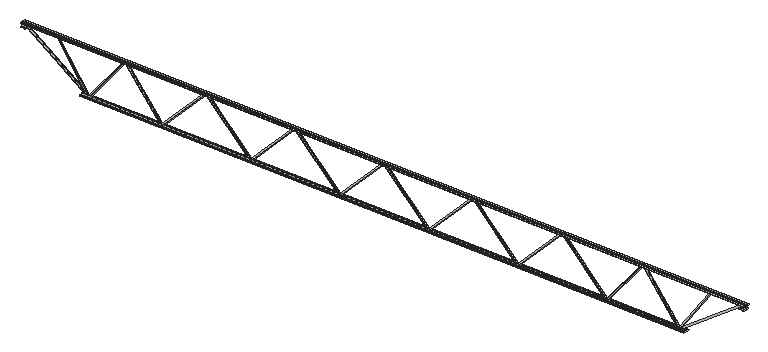
Revit family
Parameters (values of type "52DLH14")
  가변 패널 [instance] = (Length - (끝 패널 * 2) - IntPanelArrayLength) / 2  # 2163.5 mm
  시작 간격띄우기 [instance] = 0 mm
  시작 확장 [instance] = 0 mm
  M = 58
  웹 두께 = 25 mm
  좌석 길이 = 150 mm
  좌석 깊이 = 125 mm
  렌더링 재료 = none
  IntPanelWidth [instance] = 깊이 * 2  # 2642 mm
  IntPanelArrayNum [instance] = (PanelAreaLength / IntPanelWidth) - 2  # 5
  IntPanelArrayLength [instance] = IntPanelArrayNum * IntPanelWidth  # 13210 mm
  PanelAreaLength [instance] = Length - (끝 패널 * 2)  # 17537 mm
  끝 패널 = 1.5 * 깊이  # 1981.5 mm
  끝 간격띄우기 [instance] = 0 mm
  끝 확장 [instance] = 0 mm
  현재 다리 = 63.5 mm
  현재 두께 = 12.5 mm
  Assembly Code = ""
  Length [instance] = 21500 mm
  깊이 = 1321 mm
Types (4, lengths in mm): name | 가변 패널 | M | IntPanelWidth | IntPanelArrayNum | IntPanelArrayLength | PanelAreaLength | 끝 패널 | 깊이
  (no name) | 2163.5 | 58 | 2642 | 5 | 13210 | 17537 | 1981.5 | 1321
  52DLH14 | 2163.5 | 58 | 2642 | 5 | 13210 | 17537 | 1981.5 | 1321
  64DLH15 | 3433 | 64 | 3252 | 3 | 9756 | 16622 | 2439 | 1626
  72DLH16 | 4348.5 | 74 | 3658 | 2 | 7316 | 16013 | 2743.5 | 1829
Reference planes
  plane 1 "중심(앞/뒤)": y = 0
  plane 2: z = 0
  plane 3 "중심(왼쪽/오른쪽)": x = 4.61
  plane 4 "왼쪽 부재": x = -3551.39
  plane 5 "오른쪽 부재": x = 3560.61
  plane 6: y = 76
  plane 7: y = -76
  plane 8: z = 660.5
  plane 9: z = -660.5
  plane 10 "왼쪽": x = -10745.39
  plane 11 "기호를 왼쪽에 부착": x = -3500.59
  plane 12 "기호를 오른쪽에 부착": x = 3509.81
  plane 13 "오른쪽": x = 10754.61
  plane 14: z = 535.5
  plane 15: x = -10595.39
  plane 16: x = -8763.89
  plane 17: x = -8963.89
  plane 18: x = 10604.61
  plane 19: x = 8773.11
  plane 20: y = 12.5
  plane 21: y = -12.5
  plane 22: z = 597
  plane 23: z = -597
  plane 24: x = 8973.11
  plane 25: x = -9679.64
  plane 26: x = -6600.39
  plane 27: x = 6609.61
  plane 28: x = 9688.86
  plane 29: z = -654.15
  plane 30: z = 654.15
  plane 31: x = -10745.39
  plane 32: x = 10754.61
  plane 33: x = -10745.39
  plane 34: x = 10754.61
Forms (mm)
  Extrusion 1, solid, material <- "렌더링 재료", detail levels medium+fine
    sketch origin (4.61, 0, 0) x (0, 1, 0) y (0, 0, 1)
      loop
        line (76, 660.5) -> (12.5, 660.5) -> (12.5, 597) -> (25, 597) -> (25, 648) -> (76, 648) -> (76, 660.5)
      loop
        line (-76, 660.5) -> (-76, 648) -> (-25, 648) -> (-25, 597) -> (-12.5, 597) -> (-12.5, 660.5) -> (-76, 660.5)
    from -10750 to 10750
  Extrusion 2, solid, material <- "렌더링 재료", detail levels medium+fine
    sketch origin (4.61, 0, 0) x (0, 1, 0) y (0, 0, 1)
      loop
        line (12.5, -597) -> (12.5, -660.5) -> (76, -660.5) -> (76, -648) -> (25, -648) -> (25, -597) -> (12.5, -597)
      loop
        line (-12.5, -597) -> (-25, -597) -> (-25, -648) -> (-76, -648) -> (-76, -660.5) -> (-12.5, -660.5) -> (-12.5, -597)
    from -8968.5 to 8968.5
  Extrusion 3, solid, material <- "렌더링 재료", detail levels medium+fine
    sketch origin (4.61, 0, 0) x (0, 1, 0) y (0, 0, 1)
      loop
        line (76, 535.5) -> (76, 548) -> (25, 548) -> (25, 597) -> (12.5, 597) -> (12.5, 535.5) -> (76, 535.5)
      loop
        line (-76, 535.5) -> (-12.5, 535.5) -> (-12.5, 597) -> (-25, 597) -> (-25, 548) -> (-76, 548) -> (-76, 535.5)
    from 10600 to 10750
  Extrusion 4, solid, material <- "렌더링 재료", detail levels medium+fine
    sketch origin (4.61, 0, 0) x (0, 1, 0) y (0, 0, 1)
      loop
        line (-76, 535.5) -> (-12.5, 535.5) -> (-12.5, 597) -> (-25, 597) -> (-25, 548) -> (-76, 548) -> (-76, 535.5)
      loop
        line (12.5, 535.5) -> (76, 535.5) -> (76, 548) -> (25, 548) -> (25, 597) -> (12.5, 597) -> (12.5, 535.5)
    from -10750 to -10600
  Sweep 5, solid, material <- "렌더링 재료", detail levels fine
    path in 3D
      loop
        line (8773.11, 0, -654.15) -> (10604.61, 0, 597)
    profile "웹-프로파일 : 웹-프로파일" origin (9688.86, 0, -28.575) x (-0.564075, 0, 0.825723) y (0, -1, 0)
      loop
        line (-25.4, 18.85) -> (-25.4, 6.15) -> (25.4, 6.15) -> (25.4, 18.85) -> (-25.4, 18.85)
  Sweep 6, solid, material <- "렌더링 재료", detail levels fine
    path in 3D
      loop
        line (9685.957, 0, 597) -> (8773.11, 0, -654.15)
    profile "웹-프로파일 : 웹-프로파일" origin (9229.534, 0, -28.575) x (0.807838, 0, -0.589404) y (0, -1, 0)
      loop
        line (-25.4, 6.35) -> (-25.4, -6.35) -> (25.4, -6.35) -> (25.4, 6.35) -> (-25.4, 6.35)
  Sweep 7, solid, material <- "렌더링 재료", detail levels fine
    path in 3D
      loop
        line (-10595.39, 0, 597) -> (-8763.89, 0, -654.15)
    profile "웹-프로파일 : 웹-프로파일" origin (-9679.64, 0, -28.575) x (0.564075, 0, 0.825723) y (0, -1, 0)
      loop
        line (-25.4, 6.35) -> (-25.4, -6.35) -> (25.4, -6.35) -> (25.4, 6.35) -> (-25.4, 6.35)
  Sweep 8, solid, material <- "렌더링 재료", detail levels fine
    path in 3D
      loop
        line (-8763.89, 0, -654.15) -> (-9679.64, 0, 597)
    profile "웹-프로파일 : 웹-프로파일" origin (-9221.765, 0, -28.575) x (-0.806946, 0, -0.590625) y (0, -1, 0)
      loop
        line (-25.4, 6.35) -> (-25.4, -6.35) -> (25.4, -6.35) -> (25.4, 6.35) -> (-25.4, 6.35)
Lines and regions (mm)
  symbolic lines, style "StructuralFraming", detail levels coarse
    curve 1: line (0, 76, 660.5) -> (0, 12.5, 660.5)
    curve 2: line (0, -76, -660.5) -> (0, -12.5, -660.5)
    curve 14: line (0, 12.5, -660.5) -> (0, 76, -660.5)
    curve 15: line (4.61, 12.5, -660.5) -> (4.61, 12.5, -597)
    curve 16: line (4.61, -12.5, -660.5) -> (4.61, -12.5, -597)
    curve 17: line (4.61, -12.5, 660.5) -> (4.61, -12.5, 597)
    curve 18: line (4.61, 12.5, 660.5) -> (4.61, 12.5, 597)
    curve 19: line (0, -12.5, 660.5) -> (0, -76, 660.5)
  symbolic lines, style "StructuralFraming", detail levels coarse+medium
    curve 3: line (0, 0, -660.5) -> (0, 0, 660.5)
  reference lines
    curve 4: line (-3350.59, 0, -784.008) -> (-3350.59, 0, 740.192)
    curve 5: line (-1369.09, 0, -790.358) -> (-1369.09, 0, 740.192)
    curve 6: line (3359.81, 0, -731.088) -> (3359.81, 0, 742.312)
    curve 7: line (1378.31, 0, -858.088) -> (1378.31, 0, 742.312)
  model lines, style "웹 조이스트", detail levels coarse
    curve 8: line (1378.31, 0, -660.5) -> (-1369.09, 0, -660.5)
    curve 9: line (3509.81, 0, 660.5) -> (-3500.59, 0, 660.5)
    curve 24: line (-1369.09, 0, -660.5) -> (-3350.59, 0, 660.5)
    curve 25: line (1378.31, 0, -660.5) -> (3359.81, 0, 660.5)
  model lines, style "StructuralFraming", detail levels medium
    curve 10: line (-8763.89, 0, -654.15) -> (-9679.64, 0, 597)
    curve 11: line (-10595.39, 0, 597) -> (-8763.89, 0, -654.15)
    curve 12: line (9685.957, 0, 597) -> (8773.11, 0, -654.15)
    curve 13: line (8773.11, 0, -654.15) -> (10604.61, 0, 597)
  sketch lines
    curve 20: line (8773.11, 0, -654.15) -> (10604.61, 0, 597)
    curve 21: line (9685.957, 0, 597) -> (8773.11, 0, -654.15)
    curve 22: line (-10595.39, 0, 597) -> (-8763.89, 0, -654.15)
    curve 23: line (-8763.89, 0, -654.15) -> (-9679.64, 0, 597)
  symbolic lines, detail levels fine
    curve 26: line (4.61, 12.5, -654.15) -> (4.61, -12.5, -654.15)
    curve 27: line (4.61, 12.5, -597) -> (4.61, 12.5, 597)
    curve 28: line (4.61, 12.5, 654.15) -> (4.61, -12.5, 654.15)
    curve 29: line (4.61, -12.5, -597) -> (4.61, -12.5, 597)
Dimensions and locks
  equal spacing: plane 9, plane 2, plane 8
  "Length": plane 10 "왼쪽" to plane 13 "오른쪽"
  equal spacing: plane 10 "왼쪽", plane 3 "중심(왼쪽/오른쪽)", plane 13 "오른쪽"
  "좌석 길이": curve 4 to plane 11 "기호를 왼쪽에 부착"
  "끝 패널": curve 5 to curve 4
  "좌석 길이": curve 6 to plane 12 "기호를 오른쪽에 부착"
  "끝 패널": curve 6 to curve 7
  "깊이": plane 9 to plane 8
  "좌석 깊이": plane 8 to plane 14
  locked: plane 17 to plane 16 at 200
  "끝 패널": plane 10 "왼쪽" to plane 16
  "끝 패널": plane 13 "오른쪽" to plane 19
  "웹 두께": plane 20 to plane 21
  equal spacing: plane 20, plane 1 "중심(앞/뒤)", plane 21
  "현재 다리": plane 21 to plane 7
  "현재 다리": plane 6 to plane 20
  "현재 다리": plane 9 to plane 23
  "현재 다리": plane 22 to plane 8
  "현재 두께": plane 8 to Extrusion 1 sketch curve
  "현재 두께": Extrusion 1 sketch curve to plane 8
  "현재 두께": plane 21 to Extrusion 1 sketch curve
  "현재 두께": Extrusion 1 sketch curve to plane 20
  "현재 두께": plane 9 to Extrusion 2 sketch curve  (x2)
  "현재 두께": Extrusion 2 sketch curve to plane 20
  "현재 두께": plane 21 to Extrusion 2 sketch curve
  locked: plane 19 to plane 24 at 200
  "현재 두께": plane 14 to Extrusion 3 sketch curve  (x2)
  "현재 두께": plane 21 to Extrusion 3 sketch curve
  "현재 두께": Extrusion 3 sketch curve to plane 20
  "현재 두께": plane 14 to Extrusion 4 sketch curve  (x2)
  "현재 두께": Extrusion 4 sketch curve to plane 20
  "현재 두께": plane 21 to Extrusion 4 sketch curve
  locked: plane 29 to plane 9 at 6.35
  locked: plane 8 to plane 30 at 6.35
  equal spacing: plane 16, plane 25, plane 15
  equal spacing: plane 18, plane 28, plane 19
  equal spacing: plane 27, plane 3 "중심(왼쪽/오른쪽)", plane 26
  "IntPanelArrayLength": plane 27 to plane 26
  equal spacing: group 1, group 3, group 4, group 5, group 2  (x3)
  "시작 확장": plane 31 to plane 33
  "좌석 길이": plane 33 to plane 15
  "시작 간격띄우기": plane 10 "왼쪽" to plane 33
  "끝 간격띄우기": plane 34 to plane 13 "오른쪽"
  "좌석 길이": plane 18 to plane 34
  "끝 확장": plane 32 to plane 34
  aligned and locked: curve 8 to plane 9
  aligned and locked: curve 9 to plane 8
  aligned and locked: plane 11 "기호를 왼쪽에 부착" to curve 9
  aligned and locked: curve 5 to curve 8
  aligned and locked: curve 7 to curve 8
  aligned and locked: plane 8 to Extrusion 1 sketch curve
  aligned and locked: Extrusion 1 sketch curve to plane 8
  aligned and locked: plane 6 to Extrusion 1 sketch curve
  aligned and locked: plane 7 to Extrusion 1 sketch curve
  aligned and locked: Extrusion 1 sketch curve to plane 22
  aligned and locked: plane 22 to Extrusion 1 sketch curve
  aligned and locked: plane 9 to Extrusion 2 sketch curve
  aligned and locked: Extrusion 2 sketch curve to plane 9
  aligned and locked: plane 6 to Extrusion 2 sketch curve
  aligned and locked: plane 7 to Extrusion 2 sketch curve
  aligned and locked: plane 20 to Extrusion 2 sketch curve
  aligned and locked: plane 21 to Extrusion 2 sketch curve
  aligned and locked: Extrusion 2 sketch curve to plane 23
  aligned and locked: plane 23 to Extrusion 2 sketch curve
  aligned and locked: Extrusion 2 to plane 24
  aligned and locked: plane 17 to Extrusion 2
  aligned and locked: Extrusion 3 sketch curve to plane 7
  aligned and locked: plane 14 to Extrusion 3 sketch curve
  aligned and locked: Extrusion 3 sketch curve to plane 14
  aligned and locked: Extrusion 3 sketch curve to plane 6
  aligned and locked: plane 21 to Extrusion 3 sketch curve
  aligned and locked: plane 20 to Extrusion 3 sketch curve
  aligned and locked: Extrusion 3 sketch curve to plane 22
  aligned and locked: plane 22 to Extrusion 3 sketch curve
  aligned and locked: Extrusion 3 to plane 18
  aligned and locked: plane 6 to Extrusion 4 sketch curve
  aligned and locked: Extrusion 4 sketch curve to plane 7
  aligned and locked: Extrusion 4 sketch curve to plane 20
  aligned and locked: plane 21 to Extrusion 4 sketch curve
  aligned and locked: plane 22 to Extrusion 4 sketch curve  (x2)
  aligned and locked: Extrusion 4 sketch curve to plane 14  (x2)
  aligned and locked: plane 15 to Extrusion 4
  aligned and locked: Extrusion 2 to curve 15
  aligned and locked: curve 15 to Extrusion 2
  aligned and locked: curve 2 to curve 16
  aligned and locked: curve 16 to Extrusion 2
  aligned and locked: Extrusion 1 to curve 17
  aligned and locked: curve 17 to Extrusion 1
  aligned and locked: curve 18 to Extrusion 1  (x2)
  aligned and locked: curve 1 to Extrusion 1
  aligned and locked: nested 1 to plane 1 "중심(앞/뒤)"
  aligned and locked: nested 1 to plane 26
  aligned and locked: plane 27 to nested 2
  aligned and locked: nested 3 to plane 1 "중심(앞/뒤)"
  aligned and locked: nested 3 to plane 16
  aligned and locked: nested 4 to plane 19
  aligned and locked: plane 12 "기호를 오른쪽에 부착" to curve 9
  aligned and locked: curve 13 to Extrusion 3
  aligned and locked: plane 25 to curve 10
  aligned and locked: curve 4 to curve 24
  aligned and locked: curve 6 to curve 25
  aligned and locked: plane 31 to Extrusion 4
  aligned and locked: plane 31 to Extrusion 1
  aligned and locked: plane 32 to Extrusion 1
  aligned and locked: plane 32 to Extrusion 3
Automatic sketch dimensions
  Extrusion 1 sketch curve to plane 21 = 0 mm
  Extrusion 1 sketch curve to plane 20 = 0 mm
  curve 14 to plane 6 = 0 mm
  curve 1 to plane 6 = 0 mm
  curve 14 to plane 9 = 0 mm
  curve 14 to plane 20 = 0 mm
  curve 1 to plane 20 = 0 mm
  curve 19 to plane 8 = 0 mm
  curve 19 to plane 21 = 0 mm
  curve 19 to plane 7 = 0 mm
  plane 9 to curve 7 = 197.588 mm
  plane 9 to curve 5 = 129.858 mm
  plane 9 to curve 4 = 123.508 mm
  plane 9 to curve 6 = 70.588 mm
  curve 5 to plane 8 = 79.692 mm
  curve 4 to plane 8 = 79.692 mm
  curve 7 to plane 8 = 81.812 mm
  curve 6 to plane 8 = 81.812 mm
  curve 11 to plane 15 = 0 mm
  curve 10 to plane 16 = 0 mm
  curve 12 to plane 19 = 0 mm
  curve 12 to plane 22 = 0 mm
  curve 13 to plane 18 = 0 mm
  curve 10 to plane 29 = 0 mm
  curve 13 to plane 29 = 0 mm
  curve 10 to plane 22 = 0 mm
  plane 28 to curve 12 = 2.903 mm
  curve 2 to plane 7 = 0 mm
  curve 2 to plane 9 = 0 mm
  curve 2 to plane 21 = 0 mm
  curve 3 to plane 1 "중심(앞/뒤)" = 0 mm
  curve 3 to plane 9 = 0 mm
  curve 26 to plane 29 = 0 mm
  curve 29 to plane 23 = 0 mm
  curve 15 to plane 23 = 0 mm
  curve 17 to plane 22 = 0 mm
  curve 27 to plane 22 = 0 mm
  curve 28 to plane 30 = 0 mm
  curve 3 to plane 8 = 0 mm
  curve 11 to plane 22 = 0 mm
Nested families
  nested 1: "경사 웨브" at (-6600.39, 0, 0), type "경사 웨브"
  nested 2: "경사 웨브" at (3967.61, 0, 0), type "경사 웨브"
  nested 3: "경사 웨브-변수" at (-8763.89, 0, 0), PanelWidth <- "가변 패널", type "경사 웨브-변수"
    with PanelWidth 2163.5 mm
  nested 4: "경사 웨브-변수" at (6609.61, 0, 0), PanelWidth <- "가변 패널", type "경사 웨브-변수"
    with PanelWidth 2163.5 mm
  nested 5: "경사 웨브" at (-3958.39, 0, 0), type "경사 웨브"
  nested 6: "경사 웨브" at (-1316.39, 0, 0), type "경사 웨브"
  nested 7: "경사 웨브" at (1325.61, 0, 0), type "경사 웨브"
Definition of nested family "경사 웨브"
  Parameters (values of type "경사 웨브")
    웹 재료 = none
    웹 두께 = 두께 / 2  # 12.5 mm
    웹 간격띄우기 = 웹 다리 / 2  # 25.4 mm
    웹 다리 = 50.8 mm
    두께 = 25 mm
    PanelHeight = 1321 mm
    PanelWidth = 2642 mm
    Assembly Code = ""
  Reference planes
    plane 1 "중심(앞/뒤)": y = 0
    plane 2: z = 0
    plane 3 "중심(왼쪽/오른쪽)": x = 0
    plane 4: x = 2642
    plane 5: x = 1321
    plane 6: z = -660.5
    plane 7: z = -635.1
    plane 8: z = 635.5
    plane 9: z = 660.5
    plane 10: y = -12.5
    plane 11: y = 12.5
    plane 12: z = 597
    plane 13: z = -597
  Forms (mm)
    Sweep 1, solid, material <- "웹 재료", detail levels fine
      path in 3D
        loop
          line (0, 0, -635.1) -> (25.4, 0, -635.1) -> (1295.6, 0, 635.5) -> (1346.4, 0, 635.5)
      profile origin (12.7, 0, -635.1) x (0, 0, 1) y (0, -1, 0)
        loop
          line (25.4, 0) -> (25.4, 12.5) -> (-25.4, 12.5) -> (-25.4, 0) -> (25.4, 0)
    Sweep 2, solid, material <- "웹 재료", detail levels fine
      path in 3D
        loop
          line (2642, 0, -635.1) -> (2616.6, 0, -635.1) -> (1346.4, 0, 635.5) -> (1295.6, 0, 635.5)
      profile origin (2629.3, 0, -635.1) x (0, 0, -1) y (0, -1, 0)
        loop
          line (-25.4, -12.5) -> (25.4, -12.5) -> (25.4, 0) -> (-25.4, 0) -> (-25.4, -12.5)
    Sweep 3, solid, material <- "웹 재료", detail levels fine
      path in 3D
        loop
          line (99.413, -12.5, -596.99) -> (1293.425, -12.5, 597.398)
      profile origin (696.419, -12.5, 0.204) x (-0.707218, 0, 0.706995) y (0, -1, 0)
        loop
          line (0, 0) -> (12.5, 0) -> (12.5, 38.3) -> (0, 38.3) -> (0, 0)
    Sweep 4, solid, material <- "웹 재료", detail levels fine
      path in 3D
        loop
          line (2542.587, 12.5, -596.99) -> (1348.575, 12.5, 597.398)
      profile origin (1945.581, 12.5, 0.204) x (0.707218, 0, 0.706995) y (0, 1, 0)
        loop
          line (0, 0) -> (12.5, 0) -> (12.5, 38.3) -> (0, 38.3) -> (0, 0)
  Cuts and joins
    joined: Sweep 1, Sweep 3
    joined: Sweep 2, Sweep 4
  Lines and regions (mm)
    model lines, style "InvisibleLines"
      curve 1: line (0, 0, -660.5) -> (0, 0, 660.5)
      curve 2: line (0, 0, 660.5) -> (2642, 0, 660.5)
      curve 3: line (2642, 0, 660.5) -> (2642, 0, -660.5)
      curve 4: line (2642, 0, -660.5) -> (0, 0, -660.5)
    model lines, style "StructuralFraming", detail levels medium
      curve 5: line (1295.6, 0, 635.5) -> (1346.4, 0, 635.5)
      curve 6: line (0, 0, -635.1) -> (25.4, 0, -635.1)
      curve 7: line (2642, 0, -635.1) -> (2616.6, 0, -635.1)
      curve 8: line (25.4, 0, -635.1) -> (1295.6, 0, 635.5)
      curve 9: line (1346.4, 0, 635.5) -> (2616.6, 0, -635.1)
    sketch lines
      curve 10: line (0, 0, -635.1) -> (25.4, 0, -635.1)
      curve 11: line (25.4, 0, -635.1) -> (1295.6, 0, 635.5)
      curve 12: line (1295.6, 0, 635.5) -> (1346.4, 0, 635.5)
      curve 13: line (2642, 0, -635.1) -> (2616.6, 0, -635.1)
      curve 14: line (1346.4, 0, 635.5) -> (2616.6, 0, -635.1)
      curve 15: line (1295.6, 0, 635.5) -> (1346.4, 0, 635.5)
      curve 16: line (99.413, -12.5, -596.99) -> (1293.425, -12.5, 597.398)
      curve 17: line (2542.587, 12.5, -596.99) -> (1348.575, 12.5, 597.398)
  Dimensions and locks
    "PanelWidth": plane 4 to plane 3 "중심(왼쪽/오른쪽)"
    equal spacing: plane 4, plane 5, plane 3 "중심(왼쪽/오른쪽)"
    plane 7 to plane 6 = 25.4 mm
    "두께": plane 9 to plane 8
    "PanelHeight": plane 9 to plane 6
    equal spacing: plane 9, plane 2, plane 6
    "두께": plane 11 to plane 10
    equal spacing: plane 11, plane 1 "중심(앞/뒤)", plane 10
    locked: plane 9 to plane 12 at 63.5
    plane 13 to plane 6 = 63.5 mm
    "웹 간격띄우기": plane 7 to plane 6
    "웹 간격띄우기": curve 6 to plane 3 "중심(왼쪽/오른쪽)"
    "웹 간격띄우기": curve 7 to plane 4
    "웹 간격띄우기": plane 5 to curve 5
    "웹 간격띄우기": curve 5 to plane 5
    "웹 다리": Sweep 1 sketch curve to Sweep 1 sketch curve
    equal spacing: Sweep 1 sketch curve, plane 7, Sweep 1 sketch curve
    equal spacing: Sweep 2 sketch curve, profile plane, Sweep 2 sketch curve
    "웹 다리": Sweep 2 sketch curve to Sweep 2 sketch curve
    "웹 다리": plane 1 "중심(앞/뒤)" to Sweep 3 sketch curve
    "웹 두께": Sweep 3 sketch curve to Sweep 3 sketch curve
    "웹 다리": plane 1 "중심(앞/뒤)" to Sweep 4 sketch curve
    "웹 두께": Sweep 4 sketch curve to Sweep 4 sketch curve
    aligned and locked: plane 8 to curve 5
    aligned and locked: curve 7 to plane 7
    aligned and locked: plane 7 to curve 6
    aligned and locked: plane 9 to curve 2
    aligned and locked: plane 10 to Sweep 1 sketch curve
    aligned and locked: Sweep 1 sketch curve to plane 1 "중심(앞/뒤)"
    aligned and locked: Sweep 2 sketch curve to plane 11
    aligned and locked: profile plane to Sweep 2 sketch curve
    aligned and locked: Sweep 1 to curve 16
    aligned and locked: Sweep 3 sketch curve to profile plane
    aligned and locked: plane 10 to Sweep 3 sketch curve
    aligned and locked: plane 11 to Sweep 4 sketch curve
    aligned and locked: profile plane to Sweep 4 sketch curve
  Automatic sketch dimensions
    curve 1 to plane 3 "중심(왼쪽/오른쪽)" = 0 mm
    curve 3 to plane 4 = 0 mm
    curve 4 to plane 6 = 0 mm
Definition of nested family "경사 웨브-변수"
  Parameters (values of type "경사 웨브-변수")
    웹 재료 = none
    웹 두께 = 두께 / 2  # 12.5 mm
    웹 간격띄우기 = 웹 다리 / 2  # 25.4 mm
    웹 다리 = 50.8 mm
    두께 = 25 mm
    PanelHeight = 1321 mm
    PanelWidth [instance] = 1524 mm
    Assembly Code = ""
  Reference planes
    plane 1 "중심(앞/뒤)": y = 0
    plane 2: z = 0
    plane 3 "중심(왼쪽/오른쪽)": x = 0
    plane 4: x = 1524
    plane 5: x = 762
    plane 6: z = -660.5
    plane 7: z = -635.1
    plane 8: z = 635.5
    plane 9: z = 660.5
    plane 10: y = -12.5
    plane 11: y = 12.5
    plane 12: z = 597
    plane 13: z = -597
  Forms (mm)
    Sweep 1, solid, material <- "웹 재료", detail levels fine
      path in 3D
        loop
          line (0, 0, -635.1) -> (25.4, 0, -635.1) -> (736.6, 0, 635.5) -> (787.4, 0, 635.5)
      profile origin (12.7, 0, -635.1) x (0, 0, 1) y (0, -1, 0)
        loop
          line (25.4, 0) -> (25.4, 12.5) -> (-25.4, 12.5) -> (-25.4, 0) -> (25.4, 0)
    Sweep 2, solid, material <- "웹 재료", detail levels fine
      path in 3D
        loop
          line (1524, 0, -635.1) -> (1498.6, 0, -635.1) -> (787.4, 0, 635.5) -> (736.6, 0, 635.5)
      profile origin (1511.3, 0, -635.1) x (0, 0, -1) y (0, -1, 0)
        loop
          line (-25.4, -12.5) -> (25.4, -12.5) -> (25.4, 0) -> (-25.4, 0) -> (-25.4, -12.5)
    Sweep 3, solid, material <- "웹 재료", detail levels fine
      path in 3D
        loop
          line (84.153, -12.5, -582.138) -> (742.719, -12.5, 594.428)
      profile origin (413.436, -12.5, 6.145) x (-0.872604, 0, 0.488428) y (0, -1, 0)
        loop
          line (0, 0) -> (12.5, 0) -> (12.5, 38.3) -> (0, 38.3) -> (0, 0)
    Sweep 4, solid, material <- "웹 재료", detail levels fine
      path in 3D
        loop
          line (1439.847, 12.5, -582.138) -> (781.281, 12.5, 594.428)
      profile origin (1110.564, 12.5, 6.145) x (0.872604, 0, 0.488428) y (0, 1, 0)
        loop
          line (0, 0) -> (12.5, 0) -> (12.5, 38.3) -> (0, 38.3) -> (0, 0)
  Cuts and joins
    joined: Sweep 1, Sweep 3
    joined: Sweep 2, Sweep 4
  Lines and regions (mm)
    model lines, style "InvisibleLines"
      curve 1: line (0, 0, -660.5) -> (0, 0, 660.5)
      curve 2: line (0, 0, 660.5) -> (1524, 0, 660.5)
      curve 3: line (1524, 0, 660.5) -> (1524, 0, -660.5)
      curve 4: line (1524, 0, -660.5) -> (0, 0, -660.5)
    model lines, style "StructuralFraming", detail levels medium
      curve 5: line (736.6, 0, 635.5) -> (787.4, 0, 635.5)
      curve 6: line (0, 0, -635.1) -> (25.4, 0, -635.1)
      curve 7: line (1524, 0, -635.1) -> (1498.6, 0, -635.1)
      curve 8: line (25.4, 0, -635.1) -> (736.6, 0, 635.5)
      curve 9: line (787.4, 0, 635.5) -> (1498.6, 0, -635.1)
    sketch lines
      curve 10: line (0, 0, -635.1) -> (25.4, 0, -635.1)
      curve 11: line (25.4, 0, -635.1) -> (736.6, 0, 635.5)
      curve 12: line (736.6, 0, 635.5) -> (787.4, 0, 635.5)
      curve 13: line (1524, 0, -635.1) -> (1498.6, 0, -635.1)
      curve 14: line (787.4, 0, 635.5) -> (1498.6, 0, -635.1)
      curve 15: line (736.6, 0, 635.5) -> (787.4, 0, 635.5)
      curve 16: line (84.153, -12.5, -582.138) -> (742.719, -12.5, 594.428)
      curve 17: line (1439.847, 12.5, -582.138) -> (781.281, 12.5, 594.428)
  Dimensions and locks
    "PanelWidth": plane 4 to plane 3 "중심(왼쪽/오른쪽)"
    equal spacing: plane 4, plane 5, plane 3 "중심(왼쪽/오른쪽)"
    plane 7 to plane 6 = 25.4 mm
    "두께": plane 9 to plane 8
    "PanelHeight": plane 9 to plane 6
    equal spacing: plane 9, plane 2, plane 6
    "두께": plane 11 to plane 10
    equal spacing: plane 11, plane 1 "중심(앞/뒤)", plane 10
    locked: plane 9 to plane 12 at 63.5
    plane 13 to plane 6 = 63.5 mm
    "웹 간격띄우기": plane 7 to plane 6
    "웹 간격띄우기": curve 6 to plane 3 "중심(왼쪽/오른쪽)"
    "웹 간격띄우기": curve 7 to plane 4
    "웹 간격띄우기": plane 5 to curve 5
    "웹 간격띄우기": curve 5 to plane 5
    "웹 다리": Sweep 1 sketch curve to Sweep 1 sketch curve
    equal spacing: Sweep 1 sketch curve, plane 7, Sweep 1 sketch curve
    equal spacing: Sweep 2 sketch curve, profile plane, Sweep 2 sketch curve
    "웹 다리": Sweep 2 sketch curve to Sweep 2 sketch curve
    "웹 다리": plane 1 "중심(앞/뒤)" to Sweep 3 sketch curve
    "웹 두께": Sweep 3 sketch curve to Sweep 3 sketch curve
    "웹 다리": plane 1 "중심(앞/뒤)" to Sweep 4 sketch curve
    "웹 두께": Sweep 4 sketch curve to Sweep 4 sketch curve
    aligned and locked: plane 8 to curve 5
    aligned and locked: curve 7 to plane 7
    aligned and locked: plane 7 to curve 6
    aligned and locked: plane 9 to curve 2
    aligned and locked: plane 10 to Sweep 1 sketch curve
    aligned and locked: Sweep 1 sketch curve to plane 1 "중심(앞/뒤)"
    aligned and locked: Sweep 2 sketch curve to plane 11
    aligned and locked: profile plane to Sweep 2 sketch curve
    aligned and locked: Sweep 1 to curve 16
    aligned and locked: Sweep 3 sketch curve to profile plane
    aligned and locked: plane 10 to Sweep 3 sketch curve
    aligned and locked: Sweep 4 sketch curve to plane 11
    aligned and locked: profile plane to Sweep 4 sketch curve
  Automatic sketch dimensions
    curve 1 to plane 3 "중심(왼쪽/오른쪽)" = 0 mm
    curve 3 to plane 4 = 0 mm
    curve 4 to plane 6 = 0 mm
